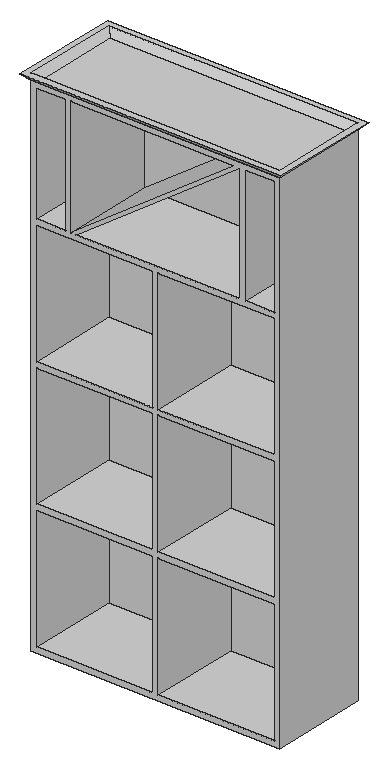
Revit family "WW", category Specialty Equipment, Revit 2012
Parameters (values of type "Wood Wine Display (Default)")
  Width = 3' - 0"
  URL = "http://madixinc.com/display/freestanding.html"
  Model = "Wood Wine Display"
  Manufacturer = "© 2012 Madix, Inc. All rights reserved."
  Height = 6' - 2"
  Depth = 1' - 2"
Reference planes (in)
  plane 1 "Center (Front/Back)": y = 0
  plane 2: z = 0
  plane 3 "Center (Left/Right)": x = 0
  plane 4: y = 7
  plane 5: y = -7
  plane 6: x = -18
  plane 7: x = 18
  plane 8: z = 74
  plane 9: x = 13
  plane 10: x = -13
  plane 11: x = 11.5
  plane 12: y = 6.11612
Forms (in)
  Extrusion 1, solid, material "Metal - Steel"
    sketch origin (6, 0, 0) x (1, 0, 0) y (0, 0, 1)
      loop
        line (-24, 74) -> (-24, 0) -> (12, 0) -> (12, 74) -> (-24, 74)
      loop
        line (-23.25, 73.25) -> (-23.25, 56.25) -> (-19, 56.25) -> (-19, 73.25) -> (-23.25, 73.25)
      loop
        line (-23.25, 55.5) -> (-23.25, 37.75) -> (-6.375, 37.75) -> (-6.375, 55.5) -> (-23.25, 55.5)
      loop
        line (-23.25, 37) -> (-23.25, 19.25) -> (-6.375, 19.25) -> (-6.375, 37) -> (-23.25, 37)
      loop
        line (-23.25, 18.5) -> (-23.25, 0.75) -> (-6.375, 0.75) -> (-6.375, 18.5) -> (-23.25, 18.5)
      loop
        line (11.25, 0.75) -> (11.25, 18.5) -> (-5.625, 18.5) -> (-5.625, 0.75) -> (11.25, 0.75)
      loop
        line (11.25, 19.25) -> (11.25, 37) -> (-5.625, 37) -> (-5.625, 19.25) -> (11.25, 19.25)
      loop
        line (11.25, 37.75) -> (11.25, 55.5) -> (-5.625, 55.5) -> (-5.625, 37.75) -> (11.25, 37.75)
      loop
        line (11.25, 56.25) -> (11.25, 73.25) -> (7, 73.25) -> (7, 56.25) -> (11.25, 56.25)
      loop
        line (-17.5, 56.25) -> (6.25, 56.25) -> (6.25, 73.25) -> (-17.5, 56.25)
      loop
        line (5.5, 73.25) -> (-18.25, 73.25) -> (-18.25, 56.25) -> (5.5, 73.25)
    from -6.11612 to 7
  Extrusion 2, solid, material "Metal - Steel"
    sketch origin (0, 0, 0) x (1, 0, 0) y (0, 0, 1)
      loop
        line (-18, 74) -> (-18, 0) -> (18, 0) -> (18, 74) -> (-18, 74)
    from -7 to -6.11612
  Sweep 3, solid, material "Metal - Steel"
    path in 3D
      loop
        line (-18, -7, 74) -> (-18, 7, 74) -> (18, 7, 74) -> (18, -7, 74) -> (-18, -7, 74)
    profile origin (0, -7, 74) x (0, -1, 0) y (0, 0, 1)
      loop
        line (0, 0) -> (0.88388, 0.88388) -> (0, 0.88388) -> (-0.88388, 0) -> (0, 0)
Cuts and joins
  joined: Extrusion 1, Extrusion 2
Lines and regions (in)
  sketch lines
    curve 1: line (18, -7, 74) -> (-18, -7, 74)
    curve 2: line (-18, -7, 74) -> (-18, 7, 74)
    curve 3: line (-18, 7, 74) -> (18, 7, 74)
    curve 4: line (18, -7, 74) -> (18, 7, 74)
Dimensions and locks (in)
  equal spacing: plane 4, plane 1 "Center (Front/Back)", plane 5
  "Depth": plane 4 to plane 5
  equal spacing: plane 6, plane 3 "Center (Left/Right)", plane 7
  "Width": plane 6 to plane 7
  locked: plane 6 to plane 10 at 5
  locked: plane 9 to plane 7 at 5
  locked: plane 11 to plane 9 at 1.5
  "Height": plane 8 to level
  equal spacing: Sweep 3, cut or joined group of Extrusion 1, Extrusion 2, cut or joined group of Extrusion 1, Extrusion 2, cut or joined group of Extrusion 1, Extrusion 2, cut or joined group of Extrusion 1, Extrusion 2
  equal spacing: plane 8, cut or joined group of Extrusion 1, Extrusion 2, cut or joined group of Extrusion 1, Extrusion 2, cut or joined group of Extrusion 1, Extrusion 2, cut or joined group of Extrusion 1, Extrusion 2
  locked: plane 4 to plane 12 at 0.88388
  aligned and locked: level to plane 2
  aligned and locked: plane 9 to cut or joined group of Extrusion 1, Extrusion 2
  aligned and locked: plane 10 to cut or joined group of Extrusion 1, Extrusion 2
  aligned and locked: plane 11 to cut or joined group of Extrusion 1, Extrusion 2
  aligned and locked: plane 5 to cut or joined group of Extrusion 1, Extrusion 2
  aligned and locked: plane 4 to cut or joined group of Extrusion 1, Extrusion 2
  aligned and locked: plane 12 to Sweep 3
  aligned and locked: Extrusion 2 to Sweep 3
  aligned and locked: Extrusion 1 to Extrusion 2
Automatic sketch dimensions
  Extrusion 1 sketch curve to level = 0' - 0"
  Extrusion 1 sketch curve to plane 6 = 0' - 0"
  plane 7 to Extrusion 1 sketch curve = 0' - 0"
  Extrusion 1 sketch curve to plane 8 = 0' - 0"
  plane 6 to Extrusion 1 sketch curve = 0' - 0 3/4"  (x2)
  Extrusion 1 sketch curve to Extrusion 1 sketch curve = 0' - 0"  (x6)
  Extrusion 1 sketch curve to Extrusion 1 sketch curve = 0' - 4 1/4"
  Extrusion 1 sketch curve to Extrusion 1 sketch curve = 0' - 0 3/4"  (x11)
  Extrusion 1 sketch curve to plane 3 "Center (Left/Right)" = 0' - 0 3/8"  (x3)
  plane 3 "Center (Left/Right)" to Extrusion 1 sketch curve = 0' - 0 3/8"  (x3)
  Extrusion 1 sketch curve to plane 8 = 0' - 0 3/4"  (x4)
  plane 3 "Center (Left/Right)" to Extrusion 1 sketch curve = 0' - 11 1/2"
  plane 7 to Extrusion 1 sketch curve = 0' - 0 3/4"  (x2)
  level to Extrusion 1 sketch curve = 0' - 0 3/4"
  Extrusion 2 sketch curve to level = 0' - 0"
  Extrusion 2 sketch curve to plane 6 = 0' - 0"
  plane 7 to Extrusion 2 sketch curve = 0' - 0"
  Extrusion 2 sketch curve to plane 8 = 0' - 0"
  Sweep 3 sketch curve to profile plane = 0' - 0"  (x3)
  profile plane to Sweep 3 sketch curve = 0' - 0.88388"  (x2)
  Sweep 3 sketch curve to profile plane = 0' - 0.88388"
  Extrusion 1 sketch curve to Extrusion 1 sketch curve = 1' - 5 3/4"  (x6)
